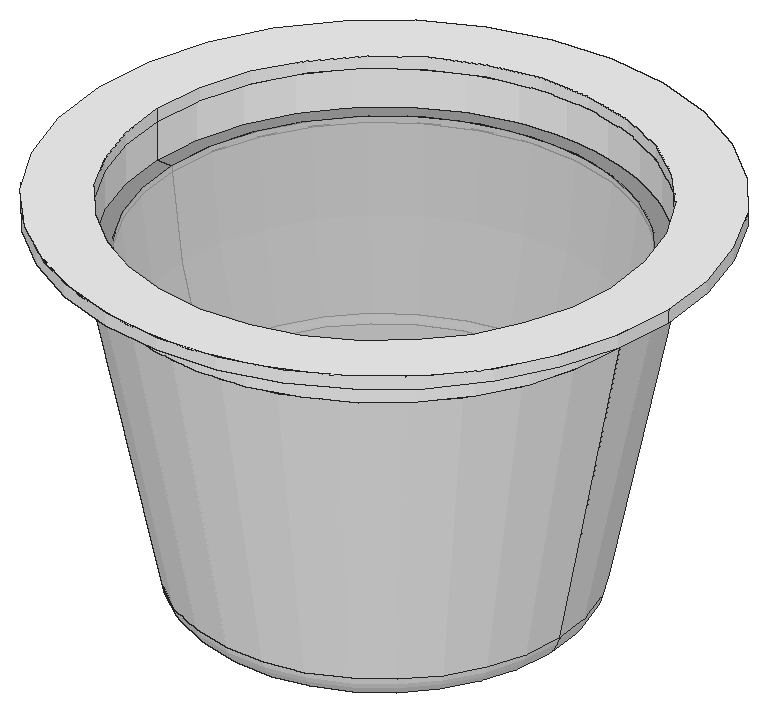
Revit family "2059154 Lighting Fixture_Sylvania_Ascent 100 Deco(120)-High Efficiency_Ceiling Recessed", category Lighting Fixtures, host Face, Revit 2017
Family settings
  Host = Face
  Round Connector Dimension = Use Diameter
  Part Type = Normal
  OmniClass Number = 23.80.70.11.17
  OmniClass Title = Specialized Lighting by Location or Use
  Cut with Voids When Loaded = No
  Light Source = Yes
  Shared = No
  Room Calculation Point = No
Parameters (values of type "Asct100 Deco HE 4K EMPRO 120")
  Reflector Radius = Radius - 15.0 mm  # 60.0 mm
  Reflector Material = Aluminium_Sylvania_Ascent_Silver
  Radius = 75.0 mm
  Life = "50 000h"  # constant formula
  IP Rating = "IP44"  # constant formula
  IK Rating = "IK02"  # constant formula
  Height = 94.0 mm
  Wattage = 1.61115 W
  built-in parameter 1150110 = 1 (stored number, unit not read)
  Voltage Comments = "UNV (Universal Voltage; 220-240 Volt)"  # constant formula
  Voltage = 240 V  # constant formula
  URL = "https://www.sylvania-lighting.com/"
  built-in parameter 1114217 = 1 (stored number, unit not read)
  Tilt Angle = -90°
  built-in parameter 1150109 = 1 (stored number, unit not read)
  built-in parameter 1150134 = 12
  built-in parameter 1150113 = 1 (stored number, unit not read)
  Product Page URL = "https://www.sylvania-lighting.com/product/en-int/products/2059154"
  Product Family = "Ascent 100 Deco (120) - High Efficiency"  # constant formula
  Photometry Comments = ""
  Photometric Web File = "2059154_Asct100DecoHE4KEMPRO120-188835.ies"
  Glow Wire Test = 850 °C
  Emit from Circle Diameter = 2 * Diffuser Radius  # 112.0 mm
  Emit Shape Visible in Rendering = no
  Drive Current = "350mA"  # constant formula
  Diffuser Radius = Reflector Radius - 4.0 mm  # 56.0 mm
  Diffuser Material = Polycarbonate_Sylvania_Ascent_Clear
  Diameter = 2 * Radius  # 150.0 mm
  Cutout Diameter = Diameter - 11.0 mm  # 139.0 mm
  built-in parameter 1114216 [instance] = 1 (stored number, unit not read)
  Model = "Asct100 Deco HE 4K EMPRO 120"
  Manufacturer = "Feilo-Sylvania Group"
  built-in parameter 1150105 = 89.506 (stored number, unit not read)
  Lumens = 163 lm
  built-in parameter 1150115 = 1 (stored number, unit not read)
  built-in parameter 1150137 = (empty or 0)
  built-in parameter 1150139 = (empty or 0)
  built-in parameter 1150112 = 1 (stored number, unit not read)
  built-in parameter 1150114 = 1 (stored number, unit not read)
  Lamp = "Integrated LED"
  built-in parameter 1150132 = 2
  built-in parameter 1150102 = (empty or 0)
  built-in parameter 1150107 = 4000 (stored number, unit not read)
  built-in parameter 1150138 = (empty or 0)
  built-in parameter 1150106 = 0.89506 (stored number, unit not read)
  Body Material = Aluminum_Sylvania_Ascent_White
  built-in parameter 1150104 = 9.399 (stored number, unit not read)
  Dimming Lamp Color Temperature Shift = <None>
  Description = "Direct LED retro fit for original LED 100 Deco (120) single CFL lamp offering Matching lumen levels and improved light distribution of original LED 100 CFL lamp equivalents Typically half the power consumption compared to CFL Up to 104lm/W 120mm aperture Decorative reflector accepts snap fit polycarbonate accessories from existing LED 100 Deco 120 offering New kometa accessory ring creates a diffused indirect halo of light onto the ceiling for decorative effect HE, HO and VHO versions equivalent of single 1 x 13W, 1 x 18W, 1 x 26W Additional VVHO versions which offer the performance circa 2 x 26W equivalent"  # constant formula
  Default Elevation = 0.0 mm
  Color Filter = 16777215
  Catalog Number = "2059154 Asct100 Deco HE 4K EMPRO 120"
  built-in parameter 1140040 [instance] = 1
  built-in parameter 1114218 = 1 (stored number, unit not read)
  built-in parameter 1150133 = 10 (stored number, unit not read)
  Assembly Code = "D5020200"
  Apparent Load Comments = ""
  Apparent Load = 6 VA
  Aperture = 2 * Reflector Radius  # 120.0 mm
Reference planes
  plane 1 "Center (Front/Back)": y = 0
  plane 2: z = 0
  plane 3 "Center (Left/Right)": x = 0
  plane 4 "Fixture Bottom": z = 3
  plane 5: z = -53.5
  plane 6 "Fixture Top": z = -91
  plane 7: z = -9
  plane 8: z = -10.5
Forms (mm)
  Extrusion 1, solid, material "Aluminum_Sylvania_Ascent_White" <- "Body Material", detail levels fine
    sketch origin (0, 0, 0) x (1, 0, 0) y (0, 1, 0)
      loop
        circle (0, 0) r 75
      loop
        circle (0, 0) r 60
    from 0 to 3
  Extrusion 2, void
    sketch origin (0, 0, 0) x (1, 0, 0) y (0, 1, 0)
      loop
        circle (0, 0) r 69.5
    from -91 to 3
  Revolve 3, solid, material "Aluminum_Sylvania_Ascent_White" <- "Body Material", detail levels fine
    sketch origin (0, 0, 0) x (1, 0, 0) y (0, 0, 1)
      loop
        line (-62, 0) -> (-62, -10.5) -> (-46.236, -84.663)
        arc (-46.236, -84.663) -> (-43.445, -89.217) -> (-38.411, -91) r 8
        line (-38.411, -91) -> (0, -91) -> (0, -89) -> (-38.456, -89)
        arc (-38.456, -89) -> (-42.232, -87.663) -> (-44.324, -84.247) r 6
        line (-44.324, -84.247) -> (-60, -10.5) -> (-60, 0) -> (-62, 0)
      axis (0, -91) -> (0, 0)
    angle from 0 to 360
  Revolve 4, solid, material "Aluminium_Sylvania_Ascent_Silver" <- "Reflector Material", detail levels fine
    sketch origin (0, 0, 0) x (1, 0, 0) y (0, 0, 1)
      loop
        line (-60, -9) -> (-60, -10.5) -> (-57, -10.5)
        arc (-57, -10.5) -> (-54.319, -31.239) -> (-48.971, -51.454) r 160.868
        arc (-48.971, -51.454) -> (-47.878, -52.935) -> (-46.127, -53.5) r 3
        line (-46.127, -53.5) -> (-38, -53.5)
        arc (-38, -53.5) -> (-36.855, -62.037) -> (-33.5, -69.971) r 32.394
        line (-33.5, -69.971) -> (0, -69.971) -> (0, -52.5) -> (-46.127, -52.5)
        arc (-46.127, -52.5) -> (-47.294, -52.124) -> (-48.023, -51.136) r 2
        arc (-48.023, -51.136) -> (-53.335, -31.062) -> (-56, -10.468) r 159.868
        line (-56, -10.468) -> (-56, -9) -> (-60, -9)
      axis (0, -9) -> (0, -69.971)
    angle from 0 to 360
  Extrusion 5, solid, material "Polycarbonate_Sylvania_Ascent_Clear" <- "Diffuser Material", detail levels fine
    sketch origin (0, 0, 0) x (1, 0, 0) y (0, 1, 0)
      loop
        circle (0, 0) r 56
    from -10.5 to -9
  Revolve 6, solid, material "Aluminum_Sylvania_Ascent_White" <- "Body Material", detail levels coarse+medium
    sketch origin (0, 0, 0) x (1, 0, 0) y (0, 0, 1)
      loop
        line (-75, 0) -> (-62, 0) -> (-62, -10.5) -> (-46.236, -84.663)
        arc (-46.236, -84.663) -> (-43.445, -89.217) -> (-38.411, -91) r 8
        line (-38.411, -91) -> (0, -91) -> (0, 3) -> (-75, 3) -> (-75, 0)
      axis (0, -91) -> (0, 3)
    angle from 0 to 360
Cuts and joins
  joined: Extrusion 1, Revolve 3
Dimensions and locks
  plane 4 "Fixture Bottom" to plane 2 to plane 7 to plane 8 to plane 5 = 3.0 mm locked, 9.0 mm locked, 1.5 mm locked, 43.0 mm locked
  "Height": plane 4 "Fixture Bottom" to plane 6 "Fixture Top"
  "Reflector Radius": plane 3 "Center (Left/Right)" to Revolve 4 sketch curve
  Revolve 4 sketch curve to Revolve 4 sketch curve = 4.0 mm
  Revolve 4 sketch curve to Revolve 4 sketch curve = 1.0 mm
  Revolve 4 sketch curve to Revolve 4 sketch curve to Revolve 4 sketch curve to Revolve 4 sketch curve to Revolve 4 sketch curve = 11.029 mm locked, 2.844 mm locked, 8.127 mm locked, 4.5 mm locked
  "Reflector Radius": plane 3 "Center (Left/Right)" to Revolve 3 sketch curve
  locked: Revolve 3 sketch curve to Revolve 3 sketch curve at 2
  Revolve 3 sketch curve to Revolve 3 sketch curve to Revolve 3 sketch curve = 13.764 mm locked, 7.825 mm locked
  "Radius": Revolve 6 sketch curve to plane 3 "Center (Left/Right)"
  Revolve 6 sketch curve to Revolve 6 sketch curve to Revolve 6 sketch curve to Revolve 6 sketch curve = 13.0 mm locked, 15.764 mm locked, 7.825 mm locked
  "Cutout Diameter": diameter of Extrusion 2 sketch curve
  "Reflector Radius": radius of Extrusion 1 sketch curve
  "Diffuser Radius": radius of Extrusion 5 sketch curve
  "Radius": radius of Extrusion 1 sketch curve
  aligned and locked: host face to plane 2
  aligned and locked: host face to level
  aligned and locked: plane 1 "Center (Front/Back)" to imposter light
  aligned and locked: plane 3 "Center (Left/Right)" to imposter light
  aligned and locked: plane 4 "Fixture Bottom" to Extrusion 1
  aligned and locked: Extrusion 1 to plane 2
  aligned and locked: Revolve 4 sketch curve to plane 3 "Center (Left/Right)"  (x2)
  aligned and locked: plane 6 "Fixture Top" to Extrusion 2
  aligned and locked: plane 7 to Revolve 4 sketch curve
  aligned and locked: Revolve 4 sketch curve to plane 8
  aligned and locked: imposter light to Extrusion 2
  aligned and locked: plane 7 to Extrusion 5
  aligned and locked: Extrusion 5 to plane 8
  aligned and locked: imposter light to plane 4 "Fixture Bottom"
  aligned and locked: Revolve 3 sketch curve to plane 2
  aligned and locked: plane 8 to Revolve 3 sketch curve  (x2)
  aligned and locked: Revolve 3 sketch curve to plane 6 "Fixture Top"
  aligned and locked: imposter light to Revolve 3 sketch curve
  aligned and locked: imposter light to Revolve 6 sketch curve
  aligned and locked: Revolve 6 sketch curve to imposter light
Automatic sketch dimensions
  plane 1 "Center (Front/Back)" to Extrusion 2 sketch curve = 0.0 mm
  Extrusion 2 sketch curve to plane 3 "Center (Left/Right)" = 0.0 mm
  Extrusion 1 sketch curve to Extrusion 1 sketch curve = 0.0 mm  (x2)
  plane 1 "Center (Front/Back)" to Extrusion 1 sketch curve = 0.0 mm
  Extrusion 1 sketch curve to plane 3 "Center (Left/Right)" = 0.0 mm
  plane 1 "Center (Front/Back)" to Extrusion 5 sketch curve = 0.0 mm
  Extrusion 5 sketch curve to plane 3 "Center (Left/Right)" = 0.0 mm
  host sketch curve to host sketch curve = 1368.192 mm
  host sketch curve to host sketch curve = 1399.962 mm
  Revolve 4 sketch curve to plane 5 = 0.0 mm
  Revolve 4 sketch curve to plane 5 = 16.471 mm
  plane 8 to Revolve 4 sketch curve = 0.032 mm
  Revolve 4 sketch curve to Revolve 4 sketch curve = 0.0 mm  (x5)
  Revolve 4 sketch curve to level = 0.289 mm
  Revolve 4 sketch curve to Revolve 4 sketch curve = 2.387 mm
  plane 4 "Fixture Bottom" to Revolve 4 sketch curve = 9.642 mm
  Revolve 4 sketch curve to Revolve 4 sketch curve = 0.948 mm
  Revolve 3 sketch curve to plane 6 "Fixture Top" = 6.337 mm
  Revolve 3 sketch curve to Revolve 3 sketch curve = 1.912 mm
  Revolve 3 sketch curve to plane 6 "Fixture Top" = 6.753 mm
  Revolve 3 sketch curve to Revolve 3 sketch curve = 0.045 mm
  Revolve 3 sketch curve to Revolve 3 sketch curve = 2.0 mm
  Revolve 3 sketch curve to plane 3 "Center (Left/Right)" = 0.0 mm
  plane 6 "Fixture Top" to Revolve 3 sketch curve = 210.8 mm
  plane 4 "Fixture Bottom" to Revolve 3 sketch curve = 304.8 mm
  Revolve 6 sketch curve to plane 8 = 0.0 mm
  Revolve 6 sketch curve to plane 6 "Fixture Top" = 0.0 mm
  Revolve 6 sketch curve to plane 6 "Fixture Top" = 6.337 mm
  Revolve 6 sketch curve to level = 0.0 mm
  plane 3 "Center (Left/Right)" to Revolve 6 sketch curve = 0.0 mm
  plane 6 "Fixture Top" to Revolve 6 sketch curve = 210.8 mm
  plane 4 "Fixture Bottom" to Revolve 6 sketch curve = 304.8 mm
Connectors
  electrical at (0, 0, -91), driven by "Voltage", driven by "Apparent Load"
    settings: index 1, voltage 240 V, apparent load 0 VA, apparent load phase1 6 VA, apparent load phase2 0 VA, apparent load phase3 0 VA, power factor 1, load classification "Lighting", number of poles 1, system type 31, power factor state 1, is connector primary yes, connector utility no, sub classification motor no, connector description ""
